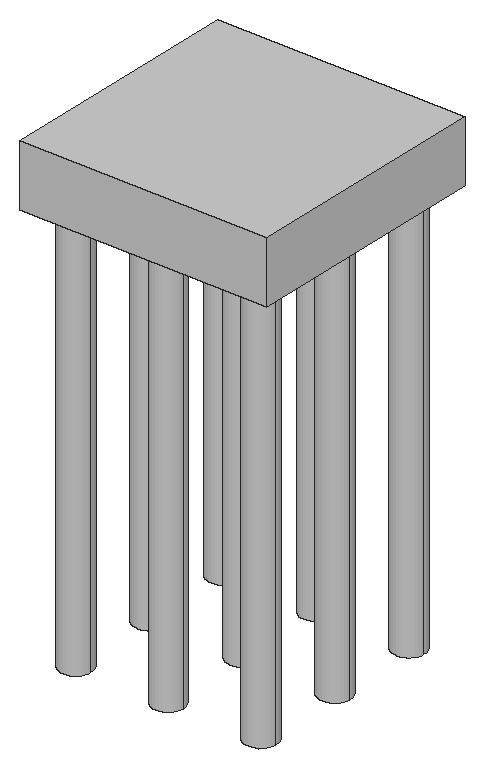
Revit family "Bloco de fundação - 9 Estacas", category Fundações estruturais, Revit 2019
Family settings
  Material para o comportamento do modelo = Outros
  Cap = Não
  Com base no plano de trabalho = Não
  Sempre na vertical = Sim
  Corte com vazios quando carregada = Não
  Compartilhado = Não
Parameters (values of type "4800x4800x1200mm")
  Largura = 4800 mm
  Structural Material [instance] = Concreto - Moldado in loco
  Tipo do pilar [instance] = Estaca de concreto : Diâmetro de 600 mm
  Profundidade da estaca [instance] = 8000 mm
  Comprimento = 4800 mm
  Espessura da fundação = 1200 mm
  Cortado = 100 mm
  Apuramento = 600 mm
  Código de montagem = "A1010130"
Reference planes
  plane 1 "Centro (Frente/Trás)": y = 0
  plane 2: z = 0
  plane 3 "Centro (Esquerda/Direita)": x = 0
  plane 4: x = -2400
  plane 5: x = 2400
  plane 6: y = 2400
  plane 7: y = -2400
  plane 8: z = -1200
  plane 9: x = -1800
  plane 10: x = 1800
  plane 11: y = 1800
  plane 12: y = -1800
  plane 13: z = -1100
  plane 14: z = -9200
Forms (mm)
  Extrusion 1, solid, material "Concreto - Moldado in loco" <- "Structural Material"
    sketch origin (0, 0, 0) x (1, 0, 0) y (0, 1, 0)
      loop
        line (-2400, 2400) -> (-2400, -2400) -> (2400, -2400) -> (2400, 2400) -> (-2400, 2400)
    from -1200 to 0
Dimensions and locks
  "Largura": plane 4 to plane 5
  "Comprimento": plane 6 to plane 7
  equal spacing: plane 6, plane 1 "Centro (Frente/Trás)", plane 7
  equal spacing: plane 4, plane 3 "Centro (Esquerda/Direita)", plane 5
  "Espessura da fundação": plane 2 to plane 8
  "Apuramento": plane 4 to plane 9
  "Apuramento": plane 10 to plane 5
  "Apuramento": plane 6 to plane 11
  "Apuramento": plane 7 to plane 12
  "Cortado": plane 13 to plane 8
  "Profundidade da estaca": plane 8 to plane 14
  aligned and locked: plane 4 to Extrusion 1 sketch curve
  aligned and locked: Extrusion 1 sketch curve to plane 5
  aligned and locked: Extrusion 1 sketch curve to plane 6
  aligned and locked: Extrusion 1 sketch curve to plane 7
  aligned and locked: level to Extrusion 1
  aligned and locked: Extrusion 1 to plane 8
  aligned and locked: nested 4 to plane 9
  aligned and locked: plane 11 to nested 4
  aligned and locked: plane 12 to nested 1
  aligned and locked: nested 1 to plane 9
  aligned and locked: plane 10 to nested 2
  aligned and locked: plane 12 to nested 2
  aligned and locked: plane 11 to nested 3
  aligned and locked: plane 10 to nested 3
  aligned and locked: plane 1 "Centro (Frente/Trás)" to nested 5
  aligned and locked: nested 5 to plane 9
  aligned and locked: plane 1 "Centro (Frente/Trás)" to nested 6
  aligned and locked: plane 10 to nested 6
  aligned and locked: plane 11 to nested 7
  aligned and locked: plane 3 "Centro (Esquerda/Direita)" to nested 7
  aligned and locked: plane 1 "Centro (Frente/Trás)" to nested 8
  aligned and locked: plane 3 "Centro (Esquerda/Direita)" to nested 8
  aligned and locked: plane 12 to nested 9
  aligned and locked: nested 9 to plane 3 "Centro (Esquerda/Direita)"
  aligned and locked: plane 13 to nested 1
  aligned and locked: nested 5 to plane 13
  aligned and locked: plane 13 to nested 4
  aligned and locked: nested 9 to plane 13
  aligned and locked: plane 13 to nested 8
  aligned and locked: nested 7 to plane 13
  aligned and locked: plane 13 to nested 2
  aligned and locked: plane 13 to nested 6
  aligned and locked: nested 3 to plane 13
Nested families
  nested 1: "Estaca de concreto" at (-1800, -1800, -1200), type <- "Tipo do pilar", Emblocamento mínimo <- "Cortado", Linear <- "Profundidade da estaca", type "Diâmetro de 600 mm"
    with Structural Material Concreto - Moldado in loco, Emblocamento mínimo 100 mm, Linear 8000 mm
  nested 2: "Estaca de concreto" at (1800, -1800, -1200), type <- "Tipo do pilar", Emblocamento mínimo <- "Cortado", Linear <- "Profundidade da estaca", type "Diâmetro de 600 mm"
    with Structural Material Concreto - Moldado in loco, Emblocamento mínimo 100 mm, Linear 8000 mm
  nested 3: "Estaca de concreto" at (1800, 1800, -1200), type <- "Tipo do pilar", Emblocamento mínimo <- "Cortado", Linear <- "Profundidade da estaca", type "Diâmetro de 600 mm"
    with Structural Material Concreto - Moldado in loco, Emblocamento mínimo 100 mm, Linear 8000 mm
  nested 4: "Estaca de concreto" at (-1800, 1800, -1200), type <- "Tipo do pilar", Emblocamento mínimo <- "Cortado", Linear <- "Profundidade da estaca", type "Diâmetro de 600 mm"
    with Structural Material Concreto - Moldado in loco, Emblocamento mínimo 100 mm, Linear 8000 mm
  nested 5: "Estaca de concreto" at (-1800, 0, -1200), type <- "Tipo do pilar", Emblocamento mínimo <- "Cortado", Linear <- "Profundidade da estaca", type "Diâmetro de 600 mm"
    with Structural Material Concreto - Moldado in loco, Emblocamento mínimo 100 mm, Linear 8000 mm
  nested 6: "Estaca de concreto" at (1800, 0, -1200), type <- "Tipo do pilar", Emblocamento mínimo <- "Cortado", Linear <- "Profundidade da estaca", type "Diâmetro de 600 mm"
    with Structural Material Concreto - Moldado in loco, Emblocamento mínimo 100 mm, Linear 8000 mm
  nested 7: "Estaca de concreto" at (0, 1800, -1200), type <- "Tipo do pilar", Emblocamento mínimo <- "Cortado", Linear <- "Profundidade da estaca", type "Diâmetro de 600 mm"
    with Structural Material Concreto - Moldado in loco, Emblocamento mínimo 100 mm, Linear 8000 mm
  nested 8: "Estaca de concreto" at (0, 0, -1200), type <- "Tipo do pilar", Emblocamento mínimo <- "Cortado", Linear <- "Profundidade da estaca", type "Diâmetro de 600 mm"
    with Structural Material Concreto - Moldado in loco, Emblocamento mínimo 100 mm, Linear 8000 mm
  nested 9: "Estaca de concreto" at (0, -1800, -1200), type <- "Tipo do pilar", Emblocamento mínimo <- "Cortado", Linear <- "Profundidade da estaca", type "Diâmetro de 600 mm"
    with Structural Material Concreto - Moldado in loco, Emblocamento mínimo 100 mm, Linear 8000 mm
Definition of nested family "Estaca de concreto"
  Parameters
    Structural Material [instance] = none
    Raio = Diâmetro / 2  # 300 mm
    Emblocamento mínimo [instance] = 100 mm
    Diâmetro = 600 mm
    Linear [instance] = 6000 mm
  Reference planes
    plane 1 "Centro (Frente/Trás)": y = 0
    plane 2: z = 0
    plane 3 "Centro (Esquerda/Direita)": x = 0
    plane 4: z = 100
    plane 5: z = -6000
  Forms (mm)
    Extrusion 1, solid, material <- "Structural Material"
      sketch origin (0, 0, 0) x (1, 0, 0) y (0, 1, 0)
        loop
          circle (0, 0) r 300
      from -6000 to 100
  Dimensions and locks
    "Emblocamento mínimo": plane 4 to plane 2
    "Linear": plane 2 to plane 5
    "Raio": radius of Extrusion 1 sketch curve
    aligned and locked: plane 2 to level
    aligned and locked: plane 1 "Centro (Frente/Trás)" to Extrusion 1 sketch curve
    aligned and locked: plane 3 "Centro (Esquerda/Direita)" to Extrusion 1 sketch curve
    aligned and locked: Extrusion 1 to plane 5
    aligned and locked: plane 4 to Extrusion 1
